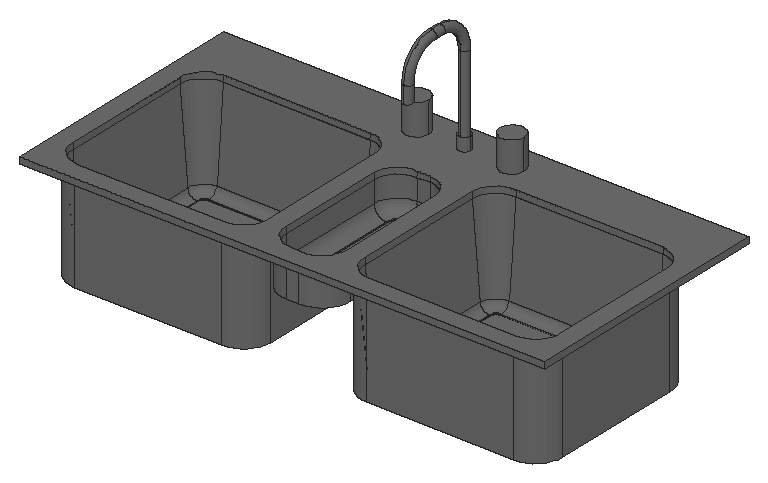
Revit family "M_Pia da cozinha-Tripla", category Peças hidrossanitárias, Revit 2019
Family settings
  Cota do conector redondo = Utilizar diâmetro
  Tipo de parte = Normal
  Número OmniClass = 23.45.05.14.14
  Título OmniClass = Sinks/Lavatories
  ID de item do Seek = Sink Kitchen-Triple-0000-CAN-ENU
  Com base no plano de trabalho = Não
  Sempre na vertical = Sim
  Corte com vazios quando carregada = Não
  Compartilhado = Sim
  Ponto de cálculo do ambiente = Não
Parameters (values of type "1100 x 535mm")
  Altura do balcão [instance] = 900.00 mm
  Linear = 535.00 mm
  Material hidráulico = Aço, Polido
  Material da pia = Aço, Polido
  Largura = 1100.00 mm
Reference planes
  plane 1 "Centro (Frente/Trás)": y = -35.755
  plane 2: z = 0
  plane 3 "Centro (Esquerda/Direita)": x = 15.689
  plane 4: y = 269.845
  plane 5: y = -265.155
  plane 6: x = -534.311
  plane 7: x = 565.689
  plane 8 "Topo do balcão": z = 900
  plane 9: z = 912.7
  plane 10: z = 684.1
  plane 11: y = 155.545
  plane 12: x = -496.211
  plane 13: y = -227.055
  plane 14: x = 527.589
  plane 15: x = -84.311
  plane 16: x = 115.689
  plane 17: y = 212.695
  plane 18: y = 212.695
  plane 19: y = 212.695
  plane 20: z = 1163.525
  plane 21: y = 63.47
  plane 22: z = 976.2
  plane 23: z = 938.1
  plane 24: x = -240.261
  plane 25: x = 271.639
  plane 26: x = -85.911
  plane 27: x = 117.289
  plane 28: x = -47.811
  plane 29: x = 79.189
  plane 30: y = 104.745
  plane 31: y = -86.555
  plane 32: z = 820.625
  plane 33: y = 53.945
Forms (mm)
  Extrusion 1, solid, material "Aço, Polido" <- "Material da pia"
    sketch origin (0, 0, 0) x (1, 0, 0) y (0, 1, 0)
      loop
        line (-534.311, 269.845) -> (-534.311, -265.155) -> (565.689, -265.155) -> (565.689, 269.845) -> (-534.311, 269.845)
      loop
        arc (-445.411, 155.545) -> (-481.332, 140.666) -> (-496.211, 104.745) r 50.8
        line (-496.211, 104.745) -> (-496.211, -176.255)
        arc (-496.211, -176.255) -> (-481.332, -212.176) -> (-445.411, -227.055) r 50.8
        line (-445.411, -227.055) -> (-136.711, -227.055)
        arc (-136.711, -227.055) -> (-100.79, -212.176) -> (-85.911, -176.255) r 50.8
        line (-85.911, -176.255) -> (-85.911, 104.745)
        arc (-85.911, 104.745) -> (-100.79, 140.666) -> (-136.711, 155.545) r 50.8
        line (-136.711, 155.545) -> (-445.411, 155.545)
      loop
        arc (476.789, -227.055) -> (512.71, -212.176) -> (527.589, -176.255) r 50.8
        line (527.589, -176.255) -> (527.589, 104.745)
        arc (527.589, 104.745) -> (512.71, 140.666) -> (476.789, 155.545) r 50.8
        line (476.789, 155.545) -> (168.089, 155.545)
        arc (168.089, 155.545) -> (132.168, 140.666) -> (117.289, 104.745) r 50.8
        line (117.289, 104.745) -> (117.289, -176.255)
        arc (117.289, -176.255) -> (132.168, -212.176) -> (168.089, -227.055) r 50.8
        line (168.089, -227.055) -> (476.789, -227.055)
      loop
        line (2.989, -227.055) -> (28.389, -227.055)
        arc (28.389, -227.055) -> (64.31, -212.176) -> (79.189, -176.255) r 50.8
        line (79.189, -176.255) -> (79.189, 53.945)
        arc (79.189, 53.945) -> (64.31, 89.866) -> (28.389, 104.745) r 50.8
        line (28.389, 104.745) -> (2.989, 104.745)
        arc (2.989, 104.745) -> (-32.932, 89.866) -> (-47.811, 53.945) r 50.8
        line (-47.811, 53.945) -> (-47.811, -176.255)
        arc (-47.811, -176.255) -> (-32.932, -212.176) -> (2.989, -227.055) r 50.8
    from 900 to 912.7
  Sweep 2, solid, material "Aço, Polido" <- "Material da pia"
    path origin (0, 0, 0) x (1, 0, 0) y (0, 1, 0)
      loop
        arc (-445.411, 155.545) -> (-481.332, 140.666) -> (-496.211, 104.745) r 50.8
        line (-496.211, 104.745) -> (-496.211, -176.255)
        arc (-496.211, -176.255) -> (-481.332, -212.176) -> (-445.411, -227.055) r 50.8
        line (-445.411, -227.055) -> (-136.711, -227.055)
        arc (-136.711, -227.055) -> (-100.79, -212.176) -> (-85.911, -176.255) r 50.8
        line (-85.911, -176.255) -> (-85.911, 104.745)
        arc (-85.911, 104.745) -> (-100.79, 140.666) -> (-136.711, 155.545) r 50.8
        line (-136.711, 155.545) -> (-445.411, 155.545)
    profile origin (-291.061, 0, 0) x (0, 1, 0) y (0, 0, 1)
      loop
        line (155.545, 900) -> (139.011, 711.015)
        arc (139.011, 711.015) -> (132.904, 698.63) -> (120.034, 693.625) r 19.05
        line (120.034, 693.625) -> (117.445, 693.625) -> (117.445, 684.1) -> (161.895, 684.1) -> (161.895, 900) -> (155.545, 900)
  Extrusion 3, solid, material "Aço, Polido" <- "Material da pia"
    sketch origin (0, 0, 0) x (1, 0, 0) y (0, 1, 0)
      loop
        arc (-445.411, 117.445) -> (-454.391, 113.726) -> (-458.111, 104.745) r 12.7
        line (-458.111, 104.745) -> (-458.111, -176.255)
        arc (-458.111, -176.255) -> (-454.391, -185.235) -> (-445.411, -188.955) r 12.7
        line (-445.411, -188.955) -> (-136.711, -188.955)
        arc (-136.711, -188.955) -> (-127.731, -185.235) -> (-124.011, -176.255) r 12.7
        line (-124.011, -176.255) -> (-124.011, 104.745)
        arc (-124.011, 104.745) -> (-127.731, 113.726) -> (-136.711, 117.445) r 12.7
        line (-136.711, 117.445) -> (-445.411, 117.445)
      loop
        circle (-240.261, -35.755) r 25.4
    from 684.1 to 693.625
  Extrusion 4, solid, material "Aço, Polido" <- "Material hidráulico"
    sketch origin (0, 0, 0) x (1, 0, 0) y (0, 1, 0)
      loop
        circle (-84.311, 212.695) r 25.4
      loop
        circle (115.689, 212.695) r 25.4
    from 912.7 to 976.2
  Sweep 5, solid, material "Aço, Polido" <- "Material hidráulico"
    path origin (15.689, 0, 0) x (0, 1, 0) y (0, 0, 1)
      loop
        line (212.695, 912.7) -> (212.695, 1100.025)
        arc (212.695, 1100.025) -> (194.097, 1144.926) -> (149.195, 1163.525) r 63.5
        line (149.195, 1163.525) -> (126.97, 1163.525)
        arc (126.97, 1163.525) -> (82.069, 1144.926) -> (63.47, 1100.025) r 63.5
        line (63.47, 1100.025) -> (63.47, 1065.1)
    profile origin (15.689, 0, 1006.363) x (0, -1, 0) y (1, 0, 0)
      loop
        circle (-212.695, 0) r 9.525
  Extrusion 6, solid, material "Aço, Polido" <- "Material hidráulico"
    sketch origin (0, 0, 0) x (1, 0, 0) y (0, 1, 0)
      loop
        circle (15.689, 212.695) r 12.7
    from 912.7 to 938.1
  Sweep 7, solid, material "Aço, Polido" <- "Material da pia"
    path origin (31.378, 0, 0) x (-1, 0, 0) y (0, -1, 0)
      loop
        line (-445.411, -155.545) -> (-136.711, -155.545)
        arc (-136.711, -155.545) -> (-100.79, -140.666) -> (-85.911, -104.745) r 50.8
        line (-85.911, -104.745) -> (-85.911, 176.255)
        arc (-85.911, 176.255) -> (-100.79, 212.176) -> (-136.711, 227.055) r 50.8
        line (-136.711, 227.055) -> (-445.411, 227.055)
        arc (-445.411, 227.055) -> (-481.332, 212.176) -> (-496.211, 176.255) r 50.8
        line (-496.211, 176.255) -> (-496.211, -104.745)
        arc (-496.211, -104.745) -> (-481.332, -140.666) -> (-445.411, -155.545) r 50.8
    profile origin (322.439, 0, 0) x (0, -1, 0) y (0, 0, 1)
      loop
        line (-155.545, 900) -> (-161.895, 900) -> (-161.895, 684.1) -> (-117.445, 684.1) -> (-117.445, 693.625) -> (-120.034, 693.625)
        arc (-120.034, 693.625) -> (-132.904, 698.63) -> (-139.011, 711.015) r 19.05
        line (-139.011, 711.015) -> (-155.545, 900)
  Extrusion 8, solid, material "Aço, Polido" <- "Material da pia"
    sketch origin (31.378, 0, 0) x (-1, 0, 0) y (0, -1, 0)
      loop
        line (-447.999, -120.034) -> (-134.122, -120.034)
        arc (-134.122, -120.034) -> (-125.142, -116.314) -> (-121.422, -107.334) r 12.7
        line (-121.422, -107.334) -> (-121.422, 178.843)
        arc (-121.422, 178.843) -> (-125.142, 187.823) -> (-134.122, 191.543) r 12.7
        line (-134.122, 191.543) -> (-447.999, 191.543)
        arc (-447.999, 191.543) -> (-456.979, 187.823) -> (-460.699, 178.843) r 12.7
        line (-460.699, 178.843) -> (-460.699, -107.334)
        arc (-460.699, -107.334) -> (-456.979, -116.314) -> (-447.999, -120.034) r 12.7
      loop
        circle (-240.261, 35.755) r 25.4
    from 684.1 to 693.625
  Sweep 9, solid, material "Aço, Polido" <- "Material da pia"
    path origin (0, 0, 0) x (1, 0, 0) y (0, 1, 0)
      loop
        arc (2.989, 104.745) -> (-32.932, 89.866) -> (-47.811, 53.945) r 50.8
        line (-47.811, 53.945) -> (-47.811, -176.255)
        arc (-47.811, -176.255) -> (-32.932, -212.176) -> (2.989, -227.055) r 50.8
        line (2.989, -227.055) -> (28.389, -227.055)
        arc (28.389, -227.055) -> (64.31, -212.176) -> (79.189, -176.255) r 50.8
        line (79.189, -176.255) -> (79.189, 53.945)
        arc (79.189, 53.945) -> (64.31, 89.866) -> (28.389, 104.745) r 50.8
        line (28.389, 104.745) -> (2.989, 104.745)
    profile origin (15.689, 0, 0) x (0, 1, 0) y (0, 0, 1)
      loop
        line (104.745, 900) -> (104.745, 855.55)
        arc (104.745, 855.55) -> (97.306, 837.589) -> (79.345, 830.15) r 25.4
        line (79.345, 830.15) -> (76.17, 830.15) -> (76.17, 820.625) -> (114.27, 820.625) -> (114.27, 900) -> (104.745, 900)
  Extrusion 10, solid, material "Aço, Polido" <- "Material da pia"
    sketch origin (0, 0, 0) x (1, 0, 0) y (0, 1, 0)
      loop
        arc (6.164, 76.17) -> (-11.796, 68.731) -> (-19.236, 50.77) r 25.4
        line (-19.236, 50.77) -> (-19.236, -173.08)
        arc (-19.236, -173.08) -> (-11.796, -191.04) -> (6.164, -198.48) r 25.4
        line (6.164, -198.48) -> (25.214, -198.48)
        arc (25.214, -198.48) -> (43.175, -191.04) -> (50.614, -173.08) r 25.4
        line (50.614, -173.08) -> (50.614, 50.77)
        arc (50.614, 50.77) -> (43.175, 68.731) -> (25.214, 76.17) r 25.4
        line (25.214, 76.17) -> (6.164, 76.17)
      loop
        circle (15.689, -86.555) r 25.4
    from 820.625 to 830.15
Cuts and joins
  joined: Sweep 5, Extrusion 6
Lines and regions (mm)
  Masking region 1
    outline origin (0, 0, 900) x (0, -1, 0) y (1, 0, 0)
      loop
        line (-269.845, -534.311) -> (265.155, -534.311) -> (265.155, 565.689) -> (-269.845, 565.689) -> (-269.845, -534.311)
  symbolic lines
    curve 1: line (-496.211, 104.745, 900) -> (-496.211, -176.255, 900)
    curve 2: line (-445.411, -227.055, 900) -> (-136.711, -227.055, 900)
    curve 3: line (527.589, -176.255, 900) -> (527.589, 104.745, 900)
    curve 4: line (476.789, 155.545, 900) -> (168.089, 155.545, 900)
    curve 5: arc (527.589, 104.745, 900) -> (512.71, 140.666, 900) -> (476.789, 155.545, 900) r 50.8
    curve 6: arc (476.789, -227.055, 900) -> (512.71, -212.176, 900) -> (527.589, -176.255, 900) r 50.8
    curve 7: arc (-496.211, -176.255, 900) -> (-481.332, -212.176, 900) -> (-445.411, -227.055, 900) r 50.8
    curve 8: arc (-445.411, 155.545, 900) -> (-481.332, 140.666, 900) -> (-496.211, 104.745, 900) r 50.8
    curve 9: arc (28.389, 212.695, 900) -> (15.689, 225.395, 900) -> (2.989, 212.695, 900) r 12.7
    curve 10: line (2.989, 212.695, 900) -> (2.989, 15.845, 900)
    curve 11: line (28.389, 212.695, 900) -> (28.389, 15.845, 900)
    curve 12: arc (28.389, 15.845, 900) -> (15.689, 3.145, 900) -> (2.989, 15.845, 900) r 12.7
    curve 13: line (-85.911, 104.745, 900) -> (-85.911, -176.255, 900)
    curve 14: line (117.289, 104.745, 900) -> (117.289, -176.255, 900)
    curve 15: line (168.089, -227.055, 900) -> (476.789, -227.055, 900)
    curve 16: line (-136.711, 155.545, 900) -> (-445.411, 155.545, 900)
    curve 17: arc (168.089, 155.545, 900) -> (132.168, 140.666, 900) -> (117.289, 104.745, 900) r 50.8
    curve 18: arc (117.289, -176.255, 900) -> (132.168, -212.176, 900) -> (168.089, -227.055, 900) r 50.8
    curve 19: arc (-85.911, -176.255, 900) -> (-100.79, -212.176, 900) -> (-136.711, -227.055, 900) r 50.8
    curve 20: arc (-85.911, 104.745, 900) -> (-100.79, 140.666, 900) -> (-136.711, 155.545, 900) r 50.8
    curve 21: arc (-265.661, -35.755, 900) -> (-240.261, -10.355, 900) -> (-214.861, -35.755, 900) r 25.4
    curve 22: arc (-214.861, -35.755, 900) -> (-240.261, -61.155, 900) -> (-265.661, -35.755, 900) r 25.4
    curve 23: arc (246.239, -35.755, 900) -> (271.639, -10.355, 900) -> (297.039, -35.755, 900) r 25.4
    curve 24: arc (297.039, -35.755, 900) -> (271.639, -61.155, 900) -> (246.239, -35.755, 900) r 25.4
    curve 25: line (-47.811, -176.255, 900) -> (-47.811, 53.945, 900)
    curve 26: arc (-47.811, 53.945, 900) -> (-32.932, 89.866, 900) -> (2.989, 104.745, 900) r 50.8
    curve 27: line (79.189, 53.945, 900) -> (79.189, -176.255, 900)
    curve 28: arc (79.189, -176.255, 900) -> (64.31, -212.176, 900) -> (28.389, -227.055, 900) r 50.8
    curve 29: arc (2.989, -227.055, 900) -> (-32.932, -212.176, 900) -> (-47.811, -176.255, 900) r 50.8
    curve 30: line (28.389, -227.055, 900) -> (2.989, -227.055, 900)
    curve 31: arc (41.089, -86.555, 900) -> (15.689, -61.155, 900) -> (-9.711, -86.555, 900) r 25.4
    curve 32: arc (41.089, -86.555, 900) -> (15.689, -111.955, 900) -> (-9.711, -86.555, 900) r 25.4
    curve 33: arc (28.389, 104.745, 900) -> (64.31, 89.866, 900) -> (79.189, 53.945, 900) r 50.8
    curve 34: arc (-58.911, 212.695, 900) -> (-84.311, 238.095, 900) -> (-109.711, 212.695, 900) r 25.4
    curve 35: arc (-109.711, 212.695, 900) -> (-84.311, 187.295, 900) -> (-58.911, 212.695, 900) r 25.4
    curve 36: arc (141.089, 212.695, 900) -> (115.689, 238.095, 900) -> (90.289, 212.695, 900) r 25.4
    curve 37: arc (90.289, 212.695, 900) -> (115.689, 187.295, 900) -> (141.089, 212.695, 900) r 25.4
Dimensions and locks
  equal spacing: plane 6, plane 3 "Centro (Esquerda/Direita)", plane 7
  "Largura": plane 6 to plane 7
  "Linear": plane 5 to plane 4
  "Altura do balcão": plane 8 "Topo do balcão" to plane 2
  locked: plane 9 to plane 8 "Topo do balcão" at 12.7
  locked: plane 8 "Topo do balcão" to plane 10 at 215.9
  locked: plane 6 to plane 12 at 38.1
  locked: plane 14 to plane 7 at 38.1
  locked: plane 11 to plane 4 at 114.3
  locked: plane 5 to plane 13 at 38.1
  equal spacing: plane 11, plane 17, plane 4
  equal spacing: plane 11, plane 18, plane 4
  equal spacing: plane 4, plane 19, plane 11
  locked: plane 19 to plane 21 at 149.225
  locked: plane 20 to plane 9 at 250.825
  locked: plane 22 to plane 9 at 63.5
  locked: plane 23 to plane 9 at 25.4
  equal spacing: plane 13, plane 1 "Centro (Frente/Trás)", plane 11
  plane 26 to plane 3 "Centro (Esquerda/Direita)" to plane 27 = 101.60 mm, 101.60 mm
  plane 26 to plane 28 = 38.10 mm
  plane 29 to plane 27 = 38.10 mm
  locked: plane 30 to plane 11 at 50.8
  locked: plane 31 to plane 1 "Centro (Frente/Trás)" at 50.8
  locked: plane 32 to plane 8 "Topo do balcão" at 79.375
  locked: plane 11 to plane 33 at 101.6
  equal spacing: plane 12, plane 24, plane 3 "Centro (Esquerda/Direita)"
  equal spacing: plane 3 "Centro (Esquerda/Direita)", plane 25, plane 14
  locked: plane 15 to plane 3 "Centro (Esquerda/Direita)" at 100
  locked: plane 3 "Centro (Esquerda/Direita)" to plane 16 at 100
  aligned and locked: Extrusion 1 sketch curve to plane 5
  aligned and locked: plane 7 to Extrusion 1 sketch curve
  aligned and locked: plane 4 to Extrusion 1 sketch curve
  aligned and locked: Extrusion 1 sketch curve to plane 6
  aligned and locked: plane 8 "Topo do balcão" to Extrusion 1
  aligned and locked: Extrusion 1 to plane 9
  aligned and locked: plane 11 to Extrusion 1 sketch curve
  aligned and locked: plane 14 to Extrusion 1 sketch curve
  aligned and locked: Extrusion 1 sketch curve to plane 12
  aligned and locked: Extrusion 1 sketch curve to plane 13
  aligned and locked: plane 11 to Sweep 2 sketch curve
  aligned and locked: Sweep 2 sketch curve to plane 12
  aligned and locked: Sweep 2 sketch curve to plane 13
  aligned and locked: Sweep 2 to Extrusion 3 sketch curve  (x4)
  aligned and locked: Sweep 2 to Extrusion 3
  aligned and locked: plane 10 to Extrusion 3
  aligned and locked: Sweep 2 sketch curve to plane 10
  aligned and locked: plane 8 "Topo do balcão" to Sweep 2 sketch curve
  aligned and locked: Extrusion 4 to Extrusion 1
  aligned and locked: Extrusion 6 to Extrusion 1
  aligned and locked: Sweep 5 sketch curve to plane 19
  aligned and locked: plane 20 to Sweep 5 sketch curve
  aligned and locked: plane 21 to Sweep 5 sketch curve
  aligned and locked: Extrusion 4 to plane 22
  aligned and locked: Extrusion 6 to plane 23
  aligned and locked: curve 21 to Extrusion 3
  aligned and locked: plane 26 to Extrusion 1 sketch curve
  aligned and locked: plane 27 to Extrusion 1 sketch curve
  aligned and locked: Sweep 2 sketch curve to Extrusion 1
  aligned and locked: Sweep 7 sketch curve to plane 11
  aligned and locked: Sweep 7 sketch curve to Extrusion 1
  aligned and locked: Sweep 7 sketch curve to plane 14
  aligned and locked: plane 13 to Sweep 7 sketch curve
  aligned and locked: Extrusion 8 sketch curve to Sweep 7  (x4)
  aligned and locked: Sweep 9 sketch curve to plane 13
  aligned and locked: Extrusion 1 to Sweep 9 sketch curve  (x2)
  aligned and locked: curve 13 to Sweep 9 sketch curve
  aligned and locked: Sweep 9 to Extrusion 10 sketch curve  (x3)
  aligned and locked: Extrusion 10 sketch curve to Sweep 9
  aligned and locked: Extrusion 10 to Sweep 9  (x2)
  aligned and locked: Sweep 7 sketch curve to plane 8 "Topo do balcão"
  aligned and locked: plane 10 to Sweep 7 sketch curve
  aligned and locked: Sweep 9 sketch curve to plane 8 "Topo do balcão"
  aligned and locked: Sweep 9 sketch curve to plane 32
  aligned and locked: Extrusion 8 to Sweep 7
  aligned and locked: plane 10 to Extrusion 8
  aligned and locked: Masking region 1 sketch curve to plane 6
  aligned and locked: plane 4 to Masking region 1 sketch curve
  aligned and locked: plane 7 to Masking region 1 sketch curve
  aligned and locked: Masking region 1 sketch curve to plane 5
  aligned and locked: plane 15 to Extrusion 4 sketch curve
  aligned and locked: plane 17 to Extrusion 4 sketch curve  (x2)
  aligned and locked: plane 16 to Extrusion 4 sketch curve
  aligned and locked: curve 34 to Extrusion 4
  aligned and locked: curve 36 to Extrusion 4
  aligned: curve 37 to Extrusion 4
Automatic sketch dimensions
  Sweep 2 sketch curve to profile plane = 0.00 mm
  profile plane to Sweep 2 sketch curve = 16.534 mm
  Sweep 2 sketch curve to Sweep 2 sketch curve = 18.978 mm
  Sweep 2 sketch curve to Sweep 2 sketch curve = 2.588 mm
  Sweep 2 sketch curve to profile plane = 6.35 mm
  Sweep 2 sketch curve to Sweep 2 sketch curve = 9.525 mm
  Sweep 2 sketch curve to Sweep 2 sketch curve = 17.39 mm
  plane 15 to Extrusion 4 sketch curve = 25.40 mm
  plane 16 to Extrusion 4 sketch curve = 25.40 mm
  Sweep 5 sketch curve to plane 3 "Centro (Esquerda/Direita)" = 0.00 mm
  Sweep 5 sketch curve to profile plane = 0.00 mm
  profile plane to Sweep 5 sketch curve = 9.525 mm
  Extrusion 6 sketch curve to plane 18 = 0.00 mm
  Extrusion 6 sketch curve to plane 3 "Centro (Esquerda/Direita)" = 0.00 mm
  Extrusion 6 sketch curve to plane 3 "Centro (Esquerda/Direita)" = 12.70 mm
  Sweep 5 sketch curve to plane 9 = 0.00 mm
  Sweep 5 sketch curve to Sweep 5 sketch curve = 63.50 mm
  plane 11 to Sweep 5 sketch curve = 6.35 mm
  Sweep 5 sketch curve to Sweep 5 sketch curve = 34.925 mm
  Extrusion 3 sketch curve to plane 1 "Centro (Frente/Trás)" = 0.00 mm
  Extrusion 3 sketch curve to plane 24 = 0.00 mm
  Extrusion 3 sketch curve to Extrusion 3 sketch curve = 12.70 mm  (x4)
  plane 24 to Extrusion 3 sketch curve = 25.40 mm
  Extrusion 1 sketch curve to plane 30 = 0.00 mm  (x5)
  Extrusion 1 sketch curve to plane 13 = 0.00 mm  (x2)
  Extrusion 1 sketch curve to plane 28 = 0.00 mm
  Extrusion 1 sketch curve to plane 29 = 0.00 mm
  Extrusion 1 sketch curve to plane 11 = 0.00 mm
  Extrusion 1 sketch curve to plane 12 = 50.80 mm
  Extrusion 1 sketch curve to Extrusion 1 sketch curve = 50.80 mm  (x2)
  Extrusion 1 sketch curve to plane 3 "Centro (Esquerda/Direita)" = 12.70 mm  (x2)
  plane 3 "Centro (Esquerda/Direita)" to Extrusion 1 sketch curve = 12.70 mm  (x2)
  plane 14 to Extrusion 1 sketch curve = 50.80 mm
  Sweep 2 sketch curve to plane 12 = 50.80 mm  (x2)
  plane 11 to Sweep 2 sketch curve = 50.80 mm
  Sweep 2 sketch curve to Sweep 2 sketch curve = 50.80 mm
  plane 14 to Sweep 7 sketch curve = 50.80 mm  (x2)
  Sweep 7 sketch curve to Sweep 7 sketch curve = 50.80 mm  (x2)
  Extrusion 8 sketch curve to plane 1 "Centro (Frente/Trás)" = 0.00 mm
  Extrusion 8 sketch curve to plane 25 = 0.00 mm
  Extrusion 8 sketch curve to Extrusion 8 sketch curve = 12.70 mm  (x4)
  Extrusion 8 sketch curve to plane 25 = 25.40 mm
  Sweep 9 sketch curve to plane 3 "Centro (Esquerda/Direita)" = 12.70 mm  (x2)
  plane 3 "Centro (Esquerda/Direita)" to Sweep 9 sketch curve = 12.70 mm  (x2)
  Extrusion 10 sketch curve to plane 31 = 0.00 mm
  Extrusion 10 sketch curve to plane 3 "Centro (Esquerda/Direita)" = 0.00 mm
  Extrusion 10 sketch curve to plane 3 "Centro (Esquerda/Direita)" = 25.40 mm
  Extrusion 10 sketch curve to plane 3 "Centro (Esquerda/Direita)" = 9.525 mm  (x2)
  plane 3 "Centro (Esquerda/Direita)" to Extrusion 10 sketch curve = 9.525 mm  (x2)
  Sweep 7 sketch curve to profile plane = 0.00 mm
  profile plane to Sweep 7 sketch curve = 6.35 mm
  Sweep 7 sketch curve to profile plane = 16.534 mm
  Sweep 7 sketch curve to Sweep 7 sketch curve = 18.978 mm
  Sweep 7 sketch curve to Sweep 7 sketch curve = 2.588 mm
  Sweep 7 sketch curve to Sweep 7 sketch curve = 1.66 mm
  Sweep 7 sketch curve to Sweep 7 sketch curve = 26.915 mm
  Sweep 9 sketch curve to profile plane = 0.00 mm
  profile plane to Sweep 9 sketch curve = 25.40 mm
  Sweep 9 sketch curve to Sweep 9 sketch curve = 3.175 mm
  Sweep 9 sketch curve to profile plane = 9.525 mm
  plane 32 to Sweep 9 sketch curve = 9.525 mm
  curve 16 to plane 11 = 0.00 mm
  curve 17 to plane 11 = 0.00 mm
  curve 3 to plane 14 = 0.00 mm
  curve 1 to plane 12 = 0.00 mm
  curve 12 to plane 3 "Centro (Esquerda/Direita)" = 0.00 mm
  curve 19 to plane 13 = 0.00 mm
  curve 18 to plane 13 = 0.00 mm
  plane 4 to curve 11 = 57.15 mm
  plane 11 to curve 5 = 50.80 mm
  plane 11 to curve 8 = 50.80 mm
  plane 11 to curve 13 = 50.80 mm
  plane 11 to curve 14 = 50.80 mm
  curve 11 to plane 33 = 38.10 mm
  curve 13 to plane 13 = 50.80 mm
  curve 1 to plane 13 = 50.80 mm
  curve 6 to plane 13 = 50.80 mm
  plane 3 "Centro (Esquerda/Direita)" to curve 17 = 101.60 mm
  curve 26 to plane 33 = 0.00 mm
  curve 27 to plane 33 = 0.00 mm
  curve 23 to plane 1 "Centro (Frente/Trás)" = 0.00 mm
  curve 32 to plane 3 "Centro (Esquerda/Direita)" = 0.00 mm
  curve 29 to plane 13 = 0.00 mm
  curve 23 to plane 25 = 0.00 mm
  plane 3 "Centro (Esquerda/Direita)" to curve 33 = 12.70 mm
  curve 33 to curve 26 = 0.00 mm
  plane 1 "Centro (Frente/Trás)" to curve 32 = 50.80 mm
  curve 25 to curve 19 = 0.00 mm
  curve 27 to curve 18 = 0.00 mm
  plane 3 "Centro (Esquerda/Direita)" to curve 28 = 12.70 mm
  curve 28 to curve 30 = 50.80 mm
  curve 32 to plane 3 "Centro (Esquerda/Direita)" = 25.40 mm
  plane 25 to curve 24 = 25.40 mm
  curve 16 to curve 34 = 27.00 mm
